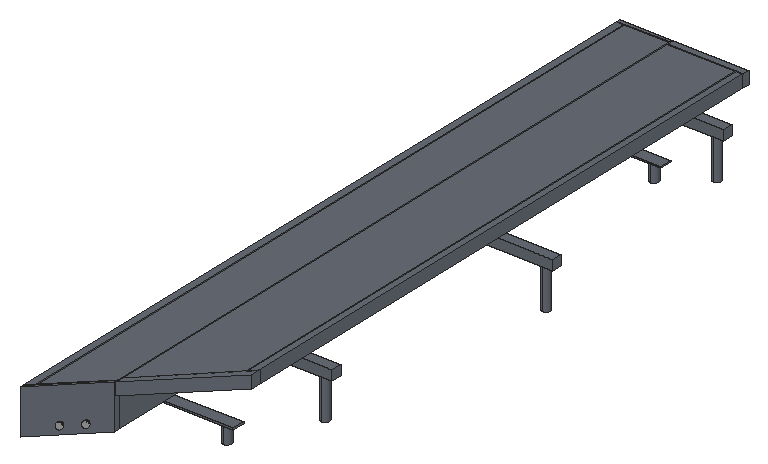
Revit family
Parameters (values of type "PL07 04 5/0")
  Width Inner Side = Actual Width 1 - Frame Offset  # 120 mm
  Width Inner Main = Actual Width - Frame Offset + 37 mm  # 120 mm
  Width = 96 mm
  Width Side = 133 mm
  URL = "http://www.meinertz.com/pictures_org/prodk.pdf"
  Total Width = Actual Width + Actual Width 1  # 229 mm
  Total Length = Length + Total Width  # 1229 mm
  Thermal Performance = Thermal Performance Constant * Total Length / 1000 mm  # 234.739
  Tapping Radius = 9.5 mm / 2  # 4.75 mm
  Thermal Performance Index = 4
  Side Hatch Width = Actual Width 1 - 13 mm  # 120 mm
  Side Grill Length = Actual Length - (2 * Frame Offset) - 22 mm  # 952 mm
  Actual Width 1 = (Count Grill Side * 24 mm) + Frame Offset  # 133 mm
  Actual Width = (Count Grill Main - 1) * 24 mm + Frame Offset + 11 mm  # 96 mm
  Actual Length = if(Length < 4 * Frame Offset, 4 * Frame Offset, if(Length > 6000 mm, 6000 mm, Length))  # 1000 mm
  Model = "PL07 04 5/0"
  Manufacturer = "Meinertz"  # constant formula
  Main Hatch Width = Actual Width - 13 mm  # 83 mm
  Length = 1000 mm
  Keynote = "PL07 04 5/0"
  Grill = RAL 7024 Grill
  GoGetNo = 7017  # constant formula
  Frame Offset = 13 mm  # constant formula
  Frame = RAL 7024
  Depth = -100 mm
  Count Side Support = (Actual Length - (2 * Frame Offset) - 200 mm) / 600 mm + 1.49  # 3
  Count Grill Side = ((Width Side - Frame Offset) / 24 mm)  # 5
  Count Grill Main = (Width - Frame Offset - 11 mm) / 24 mm + 1  # 4
  Count Convec Support = (Actual Length - (2 * Frame Offset) - 300 mm) / 2500 mm + 1.49  # 2
  Convection Grill Length = Actual Length - (2 * Frame Offset) - 11 mm  # 963 mm
  Thermal Performance Constant = if(Thermal Performance Index = 3, 145, if(Thermal Performance Index = 4, 191, if(Thermal Performance Index = 5, 231, if(Thermal Performance Index = 6, 262, if(Thermal Performance Index = 7, 287, if(Thermal Performance Index = 8, 317, if(Thermal Performance Index = 9, 339, if(Thermal Performance Index = 10, 359, if(Thermal Performance Index = 11, 382, if(Thermal Performance Index = 12, 404, if(Thermal Performance Index = 13, 424, 444)))))))))))  # 191
  Assembly Code = ""
Types (5, lengths in mm): name | Width Inner Side | Width Inner Main | Width | Width Side | Total Width | Total Length | Thermal Performance | Thermal Performance Index | Side Hatch Width | Actual Width 1 | Actual Width | Model | Main Hatch Width | Keynote | Count Grill Side | Count Grill Main | Thermal Performance Constant
  PL07 03 5/0 | 120 | 96 | 70 | 133 | 205 | 1205 | 174.725 | 3 | 120 | 133 | 72 | "PL07 03 5/0" | 59 | "PL07 03 5/0" | 5 | 3 | 145
  PL07 04 5/0 | 120 | 120 | 96 | 133 | 229 | 1229 | 234.739 | 4 | 120 | 133 | 96 | "PL07 04 5/0" | 83 | "PL07 04 5/0" | 5 | 4 | 191
  PL07 05 5/0 | 120 | 144 | 120 | 133 | 253 | 1253 | 289.443 | 5 | 120 | 133 | 120 | "PL07 05 5/0" | 107 | "PL07 05 5/0" | 5 | 5 | 231
  PL07 06 6/0 | 144 | 168 | 144 | 157 | 301 | 1301 | 340.862 | 6 | 144 | 157 | 144 | "PL07 06 6/0" | 131 | "PL07 06 6/0" | 6 | 6 | 262
  PL07 07 7/0 | 168 | 192 | 168 | 181 | 349 | 1349 | 387.163 | 7 | 168 | 181 | 168 | "PL07 07 7/0" | 155 | "PL07 07 7/0" | 7 | 7 | 287
Reference planes
  plane 1 "Center (Front/Back)": y = -163.69
  plane 2: z = 0
  plane 3 "Center (Left/Right)": x = 0
  plane 4: y = 336.31
  plane 5: y = -663.69
  plane 6: x = 48
  plane 7: x = -48
  plane 8: x = 181
  plane 9: y = 323.31
  plane 10: x = -35
  plane 11: x = 168
  plane 12: y = 312.31
  plane 13: x = 61
  plane 14: y = 317.81
  plane 15: y = 336.31
  plane 16: y = -645.19
  plane 17: y = -639.69
  plane 18: y = 223.31
  plane 19: y = 173.31
  plane 20: y = -650.69
  plane 21: y = -550.69
  plane 22: y = -500.69
  plane 23: z = -70
  plane 24: z = -72
  plane 25: y = 183.31
  plane 26: y = 163.31
  plane 27: y = -579.69
  plane 28: y = -599.69
  plane 29: z = -20
  plane 30: x = 61
  plane 31: x = 96
  plane 32: x = -24
  plane 33: x = 157
  plane 34: y = 231.31
  plane 35: y = 215.31
  plane 36: y = -542.69
  plane 37: y = -558.69
  plane 38: z = -36
  plane 39: z = -19.765
  plane 40: y = -892.69
  plane 41: y = -651.941
  plane 42: y = -770.527
  plane 43: x = -11
  plane 44: x = 72
  plane 45: y = -853.527
  plane 46: y = -762.749
  plane 47: y = -670.527
  plane 48: y = -861.305
  plane 49: z = -100
  plane 50: z = -55
  plane 51: y = 73.31
  plane 52: y = -511.305
  plane 53: y = -611.305
  plane 54: y = -26.69
  plane 55: y = -778.305
  plane 56: y = -528.305
  plane 57: y = -428.305
  plane 58: y = 73.31
  plane 59: y = -26.69
  plane 60: x = -5
  plane 61: x = 18
  plane 62: x = 18
  plane 63: x = -4.596
Forms (mm)
  Extrusion 1, void
    sketch origin (0, 0, 0) x (1, 0, 0) y (0, 1, 0)
      loop
        line (-48, 336.31) -> (-48, -892.69) -> (181, -663.69) -> (181, 336.31) -> (-48, 336.31)
    from 0 to -100 <- "Depth"
  Extrusion 2, solid, material "RAL 7024" <- "Frame"
    sketch origin (48, 722.475, 4000) x (0, 1, 0) y (0, 0, 1)
      loop
        line (-399.165, -4000) -> (-404.665, -4000) -> (-404.665, -4020) -> (-410.165, -4020) -> (-410.165, -4070) -> (-399.165, -4070) -> (-399.165, -4000)
    from 0 to -83
  Extrusion 3, solid, material "RAL 7024 Grill" <- "Grill"
    sketch origin (0, 0, 0) x (1, 0, 0) y (0, 1, 0)
      loop
        line (48, 312.31) -> (48, -762.749) -> (157, -653.749) -> (157, 312.31) -> (48, 312.31)
    from 0 to -20
  Extrusion 4, solid, material "RAL 7024 Grill" <- "Grill"
    sketch origin (0, 0, 0) x (1, 0, 0) y (0, 1, 0)
      loop
        line (-24, 317.81) -> (-24, -842.527) -> (48, -770.527) -> (48, 317.81) -> (-24, 317.81)
    from 0 to -70
  Extrusion 5, solid, material "RAL 7024" <- "Frame"
    sketch origin (0, 0, 0) x (1, 0, 0) y (0, 1, 0)
      loop
        line (-35, 317.81) -> (-35, -853.527) -> (-24, -842.527) -> (-24, 317.81) -> (-35, 317.81)
    from 0 to -70
  Extrusion 6, solid, material "RAL 7024" <- "Frame"
    sketch origin (0, 0, 0) x (1, 0, 0) y (0, 1, 0)
      loop
        line (157, 312.31) -> (157, -653.749) -> (168, -642.749) -> (168, 312.31) -> (157, 312.31)
    from 0 to -20
  Extrusion 7, solid, material "RAL 7024" <- "Frame"
    sketch origin (0, 0, 0) x (1, 0, 0) y (0, 1, 0)
      loop
        line (48, 323.31) -> (48, 312.31) -> (168, 312.31) -> (168, 323.31) -> (48, 323.31)
    from 0 to -20
  Extrusion 8, solid, material "RAL 7024" <- "Frame"
    sketch origin (0, 0, 0) x (1, 0, 0) y (0, 1, 0)
      loop
        line (-35, -853.527) -> (-35, -861.305) -> (48, -778.305) -> (48, -770.527) -> (-35, -853.527)
    from 0 to -70
  Extrusion 9, solid, material "RAL 7024" <- "Frame"
    sketch origin (0, 0, 0) x (1, 0, 0) y (0, 1, 0)
      loop
        line (48, -778.305) -> (168, -658.305) -> (168, -642.749) -> (48, -762.749) -> (48, -778.305)
    from 0 to -20
  Extrusion 10, solid, material "Tap"
    sketch origin (-35, -853.527, 0) x (0, 1, 0) y (0, 0, -1)
      loop
        circle (926.837, 55) r 4.8
      loop
        circle (826.837, 55) r 4.8
      loop
        circle (342.222, 55) r 4.8
      loop
        circle (242.222, 55) r 4.8
    from 0 to 5
  Extrusion 11, solid, material "Tap"
    sketch origin (48, 317.81, 0) x (0, -1, 0) y (0, 0, -1)
      loop
        circle (846.115, 55) r 4.8
      loop
        circle (746.115, 55) r 4.8
      loop
        circle (244.5, 55.116) r 4.8
      loop
        circle (344.5, 55) r 4.8
    from 0 to 5
  Extrusion 12, solid, material "Tap"
    sketch origin (-35, -861.305, 0) x (0.707107, 0.707107, 0) y (0, 0, 1)
      loop
        circle (47.926, -55) r 4.8
    from 0 to 5
  Extrusion 13, solid, material "Tap"
    sketch origin (48, 323.31, 0) x (0, 0, -1) y (-1, 0, 0)
      loop
        circle (55, 30) r 4.8
    from 0 to 5
  Extrusion 14, solid, material "Tap"
    sketch origin (48, 323.31, 0) x (0, 0, -1) y (-1, 0, 0)
      loop
        circle (55, 52.596) r 4.8
    from 0 to 5
  Extrusion 15, solid, material "Tap"
    sketch origin (-35, -861.305, 0) x (0.707107, 0.707107, 0) y (0, 0, 1)
      loop
        circle (80.474, -55) r 4.8
    from 0 to 5
Lines and regions (mm)
  Masking region 1
    outline origin (0, 0, 0) x (1, 0, 0) y (0, 1, 0)
      loop
        line (-35, 317.81) -> (-35, -853.527) -> (48, -770.527) -> (48, 317.81) -> (-35, 317.81)
  Masking region 2
    outline origin (0, 0, 0) x (1, 0, 0) y (0, 1, 0)
      loop
        line (48, 312.31) -> (48, -762.749) -> (168, -642.749) -> (168, 312.31) -> (48, 312.31)
  reference lines
    curve 1: line (-48, -892.69, 0) -> (181, -663.69, 0)
    curve 2: line (-57.192, -883.497, 0) -> (171.808, -654.497, 0)
    curve 3: line (-64.971, -875.719, 0) -> (164.029, -646.719, 0)
    curve 4: line (-61.081, -879.608, 0) -> (167.919, -650.608, 0)
Dimensions and locks
  "Actual Width": plane 7 to plane 6
  "Actual Length": plane 4 to plane 5
  equal spacing: plane 4, plane 1 "Center (Front/Back)", plane 5
  equal spacing: plane 7, plane 3 "Center (Left/Right)", plane 6
  "Actual Width 1": plane 6 to plane 8
  locked: plane 6 to plane 13 at 13
  "Frame Offset": plane 7 to plane 10
  "Frame Offset": plane 11 to plane 8
  locked: plane 9 to plane 14 at 5.5
  "Frame Offset": plane 15 to plane 9
  locked: plane 14 to plane 12 at 5.5
  locked: plane 9 to plane 18 at 100
  locked: plane 18 to plane 19 at 50
  "Frame Offset": plane 20 to plane 5
  plane 22 to plane 21 to plane 20 = 50 mm locked, 100 mm locked
  plane 2 to plane 23 to plane 24 = 70 mm locked, 2 mm locked
  plane 25 to plane 19 to plane 26 = 10 mm locked, 10 mm locked
  locked: plane 17 to plane 20 at 11
  locked: plane 16 to plane 20 at 5.5
  locked: plane 2 to plane 29 at 20
  locked: plane 6 to plane 30 at 13
  locked: plane 6 to plane 31 at 48
  locked: plane 33 to plane 11 at 11
  locked: plane 10 to plane 32 at 11
  plane 34 to plane 18 to plane 35 = 8 mm locked, 8 mm locked
  plane 36 to plane 21 to plane 37 = 8 mm locked, 8 mm locked
  locked: plane 2 to plane 38 at 36
  locked: plane 2 to plane 39 at 19.765
  group 1 to group 2 = 0 mm  (x2)
  group 2 to group 1 = 843.837 mm
  equal spacing: group 3, group 6, group 4  (x2)
  equal spacing: group 4, group 6, group 3
  "Total Width": plane 5 to plane 40
  locked: plane 41 to plane 5 at 11.749
  locked: plane 32 to plane 43 at 13
  locked: plane 13 to plane 44 at 11
  curve 1 to curve 2 to curve 4 to curve 3 = 13 mm locked, 5.5 mm locked, 5.5 mm locked
  locked: plane 45 to plane 40 at 39.163
  "Main Hatch Width": plane 42 to plane 45
  locked: plane 46 to plane 42 at 7.778
  locked: plane 47 to plane 42 at 100
  locked: plane 45 to plane 48 at 7.778
  locked: plane 49 to plane 2 at 100
  locked: plane 49 to plane 50 at 45
  locked: plane 9 to plane 51 at 250
  locked: plane 51 to plane 54 at 100
  plane 52 to plane 53 to plane 48 = 100 mm locked, 250 mm locked
  locked: plane 55 to plane 42 at 7.778
  plane 59 to plane 58 to plane 9 = 100 mm locked, 250 mm locked
  plane 55 to plane 56 to plane 57 = 250 mm locked, 100 mm locked
  locked: plane 60 to plane 10 at 30
  locked: plane 6 to plane 61 at 30
  plane 63 to plane 10 = 30.404 mm
  plane 6 to plane 62 = 30 mm
  aligned and locked: plane 4 to plane 15
  aligned and locked: Extrusion 2 sketch curve to plane 23
  aligned and locked: plane 12 to Extrusion 2 sketch curve
  aligned and locked: plane 14 to Extrusion 2 sketch curve
  aligned and locked: plane 9 to Extrusion 2 sketch curve
  aligned and locked: Extrusion 2 sketch curve to plane 2
  aligned and locked: Extrusion 2 to plane 10
  aligned and locked: Extrusion 2 to Extrusion 3 sketch curve
  aligned and locked: Extrusion 2 to Extrusion 4 sketch curve
  aligned and locked: Extrusion 4 sketch curve to Extrusion 2
  aligned and locked: Extrusion 3 sketch curve to plane 33
  aligned and locked: Extrusion 4 sketch curve to plane 32
  aligned and locked: Extrusion 5 sketch curve to Extrusion 2  (x2)
  aligned and locked: Extrusion 5 sketch curve to Extrusion 4
  aligned and locked: Extrusion 3 to Extrusion 6 sketch curve
  aligned and locked: Extrusion 6 sketch curve to Extrusion 3
  aligned and locked: Extrusion 2 to Extrusion 7 sketch curve  (x2)
  aligned and locked: Extrusion 7 sketch curve to Extrusion 6  (x2)
  aligned and locked: plane 19 to nested 1
  aligned and locked: plane 24 to nested 1
  aligned and locked: plane 18 to nested 2
  aligned and locked: plane 38 to nested 2
  aligned and locked: plane 21 to nested 4
  aligned and locked: Extrusion 4 sketch curve to curve 4
  aligned and locked: Extrusion 6 sketch curve to curve 3
  aligned and locked: curve 2 to Extrusion 8 sketch curve
  aligned and locked: Extrusion 8 sketch curve to curve 4
  aligned and locked: Extrusion 9 sketch curve to curve 3
  aligned and locked: curve 2 to Extrusion 9 sketch curve
  aligned and locked: Extrusion 3 sketch curve to curve 3
  aligned and locked: Extrusion 5 to plane 32
  aligned and locked: Masking region 1 sketch curve to Extrusion 5
  aligned and locked: Masking region 1 sketch curve to Extrusion 2
  aligned and locked: Masking region 1 sketch curve to Extrusion 4
  aligned and locked: Masking region 1 sketch curve to curve 4
  aligned and locked: Masking region 2 sketch curve to Extrusion 3
  aligned and locked: Masking region 2 sketch curve to Extrusion 7
  aligned and locked: Masking region 2 sketch curve to plane 11
  aligned and locked: Masking region 2 sketch curve to curve 3
  aligned and locked: Extrusion 5 sketch curve to curve 4
  aligned and locked: plane 10 to nested 5
  aligned and locked: plane 6 to nested 6
  aligned and locked: plane 12 to nested 6
  aligned and locked: plane 46 to nested 6
  aligned and locked: plane 14 to nested 5
  aligned and locked: plane 45 to nested 5
  aligned and locked: nested 1 to plane 10
  aligned and locked: nested 3 to plane 10
  aligned and locked: nested 2 to plane 6
  aligned and locked: nested 4 to plane 6
  aligned and locked: plane 47 to nested 3
Automatic sketch dimensions
  Extrusion 2 sketch curve to plane 29 = 0 mm
  Extrusion 3 sketch curve to plane 6 = 0 mm
  Extrusion 6 sketch curve to plane 11 = 0 mm
  Extrusion 1 sketch curve to plane 4 = 0 mm
  Extrusion 1 sketch curve to plane 7 = 0 mm
  Extrusion 1 sketch curve to plane 8 = 0 mm
  Extrusion 1 sketch curve to plane 40 = 0 mm
  Extrusion 1 sketch curve to plane 5 = 0 mm
  curve 1 to plane 7 = 0 mm
  curve 1 to plane 5 = 0 mm
  curve 1 to plane 8 = 0 mm
  curve 1 to plane 40 = 0 mm
  curve 2 to plane 7 = 9.192 mm
  curve 3 to plane 11 = 3.971 mm
  plane 20 to curve 3 = 3.971 mm
  Extrusion 8 sketch curve to plane 10 = 0 mm
  Extrusion 8 sketch curve to plane 6 = 0 mm
  Extrusion 9 sketch curve to plane 6 = 0 mm
  Extrusion 9 sketch curve to plane 11 = 0 mm
  curve 4 to curve 2 = 3.889 mm
  curve 4 to plane 11 = 0.081 mm
  curve 4 to curve 3 = 3.889 mm
  plane 41 to curve 2 = 2.556 mm
  Extrusion 5 to Extrusion 10 sketch curve = 15 mm  (x4)
  Extrusion 10 sketch curve to Extrusion 5 = 242.222 mm
  Extrusion 10 sketch curve to Extrusion 10 sketch curve = 100 mm  (x2)
  Extrusion 5 to Extrusion 10 sketch curve = 344.5 mm
  Extrusion 4 to Extrusion 11 sketch curve = 14.884 mm
  Extrusion 4 to Extrusion 11 sketch curve = 244.5 mm
  Extrusion 4 to Extrusion 11 sketch curve = 15 mm  (x3)
  Extrusion 11 sketch curve to Extrusion 11 sketch curve = 100 mm  (x2)
  Extrusion 4 to Extrusion 11 sketch curve = 342.222 mm
  Extrusion 2 to Extrusion 13 sketch curve = 15 mm
  Extrusion 2 to Extrusion 13 sketch curve = 30 mm
  Extrusion 2 to Extrusion 14 sketch curve = 15 mm
  Extrusion 2 to Extrusion 14 sketch curve = 30.404 mm
  Extrusion 8 to Extrusion 12 sketch curve = 15 mm
  Extrusion 12 sketch curve to Extrusion 8 = 47.926 mm
  Extrusion 8 to Extrusion 15 sketch curve = 15 mm
  Extrusion 15 sketch curve to Extrusion 8 = 36.906 mm
  radius of Extrusion 10 sketch curve = 4.8 mm  (x4)
  radius of Extrusion 11 sketch curve = 4.8 mm  (x4)
  radius of Extrusion 13 sketch curve = 4.8 mm
  radius of Extrusion 14 sketch curve = 4.8 mm
  radius of Extrusion 12 sketch curve = 4.8 mm
  radius of Extrusion 15 sketch curve = 4.8 mm
Nested families
  nested 1: "Support" at (47.079, 179.78, -72) x (0, 1, 0) z (0, 0, 1), type "Convec Support"
  nested 2: "Support" at (118.079, 229.78, -36) x (0, 1, 0) z (0, 0, 1), type "Side Support"
  nested 3: "Support" at (47.079, -664.057, -72) x (0, 1, 0) z (0, 0, 1), type "Convec Support"
  nested 4: "Support" at (118.079, -544.22, -36) x (0, 1, 0) z (0, 0, 1), type "Side Support"
  nested 5: "Grill 45" at (-140.701, -770.527, 0), type "Main"
    with Start 11 mm, Second 13 mm, Length 1171.337 mm, Big no, Width 83 mm
  nested 6: "Grill 45" at (-39.201, -642.749, 0), type "Side"
    with Start 13 mm, Second 11 mm, Length 1075.059 mm, Big yes, Width 120 mm
  nested 7: "Support" at (111.579, -20.22, -36) x (0, 1, 0) z (0, 0, 1), type "Side Support", not visible
  nested 8: "Support" at (157.329, -157.22, -36) x (0, 1, 0) z (0, 0, 1), type "Side Support"
Connectors
  piping at (2.424, -830.952, -55), driven by "Tapping Radius"
    settings: on Extrusion 12, index 1, connector radius 4.75 mm, flow factor 0, pipe flow 0.0 L/s, pressure drop 0.0 Pa, fitting loss kfactor 0, connector angle 0.00°, fixture units 0, flow configuration 1, flow direction 1, fitting loss method 0, system type 22, connector reference index -1, connector utility 0, adjustable connector no, is connector primary yes, fitting loss table "", connector description "F"
  piping at (25.439, -807.937, -55), driven by "Tapping Radius"
    settings: on Extrusion 15, index 2, connector radius 4.75 mm, flow factor 0, pipe flow 0.0 L/s, pressure drop 0.0 Pa, fitting loss kfactor 0, connector angle 0.00°, fixture units 0, flow configuration 1, flow direction 1, fitting loss method 0, system type 22, connector reference index -1, connector utility 0, adjustable connector no, is connector primary no, fitting loss table "", connector description "F"
  piping at (53, -528.305, -55), driven by "Tapping Radius"
    settings: on Extrusion 11, index 3, connector radius 4.75 mm, flow factor 0, pipe flow 0.0 L/s, pressure drop 0.0 Pa, fitting loss kfactor 0, connector angle 0.00°, fixture units 0, flow configuration 1, flow direction 1, fitting loss method 0, system type 22, connector reference index -1, connector utility 0, adjustable connector no, is connector primary no, fitting loss table "", connector description "C"
  piping at (53, -428.305, -55), driven by "Tapping Radius"
    settings: on Extrusion 11, index 4, connector radius 4.75 mm, flow factor 0, pipe flow 0.0 L/s, pressure drop 0.0 Pa, fitting loss kfactor 0, connector angle 0.00°, fixture units 0, flow configuration 1, flow direction 1, fitting loss method 0, system type 22, connector reference index -1, connector utility 0, adjustable connector no, is connector primary no, fitting loss table "", connector description "C"
  piping at (53, -26.69, -55), driven by "Tapping Radius"
    settings: on Extrusion 11, index 5, connector radius 4.75 mm, flow factor 0, pipe flow 0.0 L/s, pressure drop 0.0 Pa, fitting loss kfactor 0, connector angle 0.00°, fixture units 0, flow configuration 1, flow direction 1, fitting loss method 0, system type 22, connector reference index -1, connector utility 0, adjustable connector no, is connector primary no, fitting loss table "", connector description "B"
  piping at (53, 73.31, -55.116), driven by "Tapping Radius"
    settings: on Extrusion 11, index 6, connector radius 4.75 mm, flow factor 0, pipe flow 0.0 L/s, pressure drop 0.0 Pa, fitting loss kfactor 0, connector angle 0.00°, fixture units 0, flow configuration 1, flow direction 1, fitting loss method 0, system type 22, connector reference index -1, connector utility 0, adjustable connector no, is connector primary no, fitting loss table "", connector description "B"
  piping at (-40, 73.31, -55), driven by "Tapping Radius"
    settings: on Extrusion 10, index 7, connector radius 4.75 mm, flow factor 0, pipe flow 0.0 L/s, pressure drop 0.0 Pa, fitting loss kfactor 0, connector angle 0.00°, fixture units 0, flow configuration 1, flow direction 1, fitting loss method 0, system type 22, connector reference index -1, connector utility 0, adjustable connector no, is connector primary no, fitting loss table "", connector description "A"
  piping at (-40, -26.69, -55), driven by "Tapping Radius"
    settings: on Extrusion 10, index 8, connector radius 4.75 mm, flow factor 0, pipe flow 0.0 L/s, pressure drop 0.0 Pa, fitting loss kfactor 0, connector angle 0.00°, fixture units 0, flow configuration 1, flow direction 1, fitting loss method 0, system type 22, connector reference index -1, connector utility 0, adjustable connector no, is connector primary no, fitting loss table "", connector description "A"
  piping at (-40, -511.305, -55), driven by "Tapping Radius"
    settings: on Extrusion 10, index 9, connector radius 4.75 mm, flow factor 0, pipe flow 0.0 L/s, pressure drop 0.0 Pa, fitting loss kfactor 0, connector angle 0.00°, fixture units 0, flow configuration 1, flow direction 1, fitting loss method 0, system type 22, connector reference index -1, connector utility 0, adjustable connector no, is connector primary no, fitting loss table "", connector description "D"
  piping at (-40, -611.305, -55), driven by "Tapping Radius"
    settings: on Extrusion 10, index 10, connector radius 4.75 mm, flow factor 0, pipe flow 0.0 L/s, pressure drop 0.0 Pa, fitting loss kfactor 0, connector angle 0.00°, fixture units 0, flow configuration 1, flow direction 1, fitting loss method 0, system type 22, connector reference index -1, connector utility 0, adjustable connector no, is connector primary no, fitting loss table "", connector description "D"
  piping at (-4.596, 328.31, -55), driven by "Tapping Radius"
    settings: on Extrusion 14, index 11, connector radius 4.75 mm, flow factor 0, pipe flow 0.0 L/s, pressure drop 0.0 Pa, fitting loss kfactor 0, connector angle 0.00°, fixture units 0, flow configuration 1, flow direction 1, fitting loss method 0, system type 22, connector reference index -1, connector utility 0, adjustable connector no, is connector primary no, fitting loss table "", connector description ""
  piping at (18, 328.31, -55), driven by "Tapping Radius"
    settings: on Extrusion 13, index 12, connector radius 4.75 mm, flow factor 0, pipe flow 0.0 L/s, pressure drop 0.0 Pa, fitting loss kfactor 0, connector angle 0.00°, fixture units 0, flow configuration 1, flow direction 1, fitting loss method 0, system type 22, connector reference index -1, connector utility 0, adjustable connector no, is connector primary no, fitting loss table "", connector description ""
Definition of nested family "Support"
  Parameters (values of type "Side Support")
    offset top = 17.5 mm
    Width = 16 mm
    Side 2 = yes
    Side 1 = no
    Length = 168 mm
    Height = 16 mm
    Frame = RAL 7024
    Footing rad = 6.5 mm
    Footing Height = 64 mm
    Assembly Code = ""
  Types (2, lengths in mm): name | Width | Side 1 | Length | Height | Footing Height
    Side Support | 16 | no | 168 | 16 | 64
    Convec Support | 20 | yes | 192 | 2 | 28
  Reference planes
    plane 1 "Center (Front/Back)": y = -13.921
    plane 2: z = 0
    plane 3 "Center (Left/Right)": x = -6.469
    plane 4: z = 16
    plane 5: x = 1.531
    plane 6: x = -14.469
    plane 7: y = 70.079
    plane 8: y = -97.921
    plane 9: y = 52.579
    plane 10: y = -80.421
    plane 11: z = -64
  Forms (mm)
    Extrusion 1, solid, material "RAL 7024" <- "Frame"
      sketch origin (0, -13.921, 0) x (1, 0, 0) y (0, 0, 1)
        loop
          line (-14.469, 16) -> (-14.469, 0) -> (1.531, 0) -> (1.531, 16) -> (-14.469, 16)
      from -84 to 84
    Extrusion 2, solid, material "RAL 7024" <- "Frame", visible <- "Side 1"
      sketch origin (0, 0, 0) x (1, 0, 0) y (0, 1, 0)
        loop
          circle (-6.469, 52.579) r 6.5
      from -64 to 0
    Extrusion 3, solid, material "RAL 7024" <- "Frame", visible <- "Side 2"
      sketch origin (0, 0, 0) x (1, 0, 0) y (0, 1, 0)
        loop
          circle (-6.469, -80.421) r 6.5
      from -64 to 0
  Dimensions and locks
    equal spacing: plane 6, plane 3 "Center (Left/Right)", plane 5
    equal spacing: plane 7, plane 1 "Center (Front/Back)", plane 8
    "Length": plane 7 to plane 8
    "Width": plane 6 to plane 5
    "Height": plane 4 to plane 2
    "offset top": plane 7 to plane 9
    "offset top": plane 10 to plane 8
    "Footing Height": plane 2 to plane 11
    "Footing rad": Extrusion 2 sketch curve to plane 3 "Center (Left/Right)"
    "Footing rad": plane 9 to Extrusion 2 sketch curve
    locked: plane 10 to Extrusion 3 sketch curve at 6.5
    locked: plane 3 "Center (Left/Right)" to Extrusion 3 sketch curve at 6.5
    "Footing rad": radius of Extrusion 2 sketch curve
    "Footing rad": radius of Extrusion 3 sketch curve
    aligned and locked: plane 6 to Extrusion 1 sketch curve
    aligned and locked: Extrusion 1 sketch curve to plane 4
    aligned and locked: level to Extrusion 1 sketch curve
    aligned and locked: Extrusion 1 sketch curve to plane 5
    aligned and locked: plane 7 to Extrusion 1
    aligned and locked: Extrusion 1 to plane 8
    aligned and locked: Extrusion 2 to plane 11
    aligned and locked: plane 2 to Extrusion 2
    aligned and locked: Extrusion 3 to plane 11
    aligned and locked: level to Extrusion 3
Definition of nested family "Grill 45"
  Parameters (values of type "Right")
    Width = 150 mm
    Start [instance] = if(Big, 13 mm, 11 mm)  # 11 mm
    Second [instance] = if(Big, 11 mm, 13 mm)  # 13 mm
    Length [instance] = 500 mm
    Big [instance] = no
    Assembly Code = ""
  Types (3, lengths in mm): name | Width
    Right | 150
    Main | 179
    Left | 72
  Reference planes
    plane 1 "Center (Front/Back)": y = 0
    plane 2: z = 0
    plane 3 "Center (Left/Right)": x = 147.201
    plane 4: x = 222.201
    plane 5: x = 72.201
    plane 6: y = -150
    plane 7: y = 350
  Lines and regions (mm)
    Filled region 1, type "Base", in view "Ref. Level"
      outline origin (0, 0, 0) x (1, 0, 0) y (0, 1, 0)
        loop
          line (72.201, 350) -> (72.201, -150) -> (222.201, 0) -> (222.201, 350) -> (72.201, 350)
    Filled region 2, type "Top", in view "Ref. Level"
      outline origin (98.995, 98.995, 0) x (1, 0, 0) y (0, 1, 0)
        loop
          line (-26.794, 251.005) -> (-26.794, -248.995) -> (123.206, -98.995) -> (123.206, 251.005) -> (-26.794, 251.005)
  Dimensions and locks
    equal spacing: plane 5, plane 3 "Center (Left/Right)", plane 4
    "Width": plane 6 to plane 1 "Center (Front/Back)"
    "Width": plane 5 to plane 4
    "Length": plane 7 to plane 6
    "Start": plane 5 to Filled region 2
    "Second": Filled region 2 to Filled region 1
    aligned and locked: Filled region 1 to Filled region 2
    aligned and locked: Filled region 2 to plane 5
    aligned and locked: plane 7 to Filled region 2
    aligned and locked: plane 4 to Filled region 2
    aligned and locked: plane 5 to Filled region 1
  Automatic sketch dimensions
    Filled region 1 sketch curve to plane 5 = 0 mm
    Filled region 1 sketch curve to plane 1 "Center (Front/Back)" = 0 mm
    Filled region 1 sketch curve to plane 4 = 0 mm
    Filled region 1 sketch curve to plane 6 = 0 mm
    Filled region 1 sketch curve to plane 7 = 0 mm
    plane 5 to Filled region 2 sketch curve = 0 mm
    plane 4 to Filled region 2 sketch curve = 0 mm
    plane 6 to Filled region 2 sketch curve = 0 mm
    Filled region 2 sketch curve to plane 1 "Center (Front/Back)" = 0 mm
    plane 7 to Filled region 2 sketch curve = 0 mm
